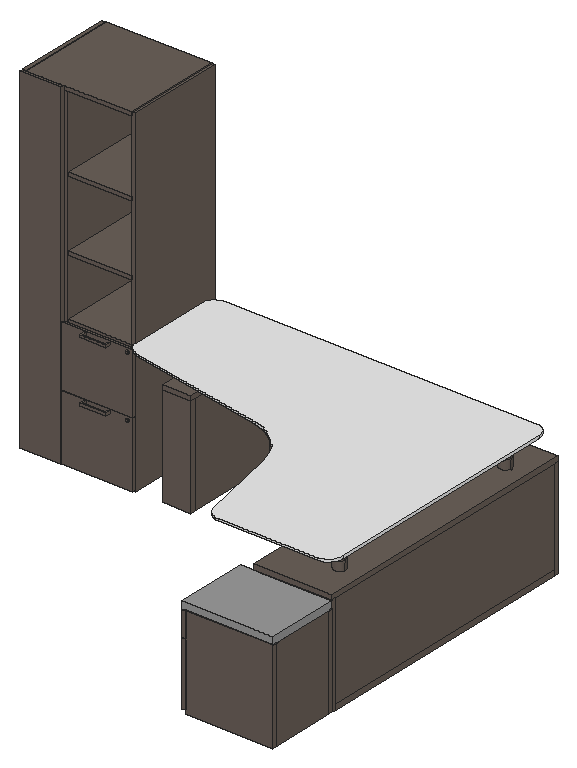
Revit family "OFS TYPICAL S100219", category Furniture, Revit 2022 (continued)
Definition of nested family "OFS STAKS HEIGHT ADJUSTABLE SWEEP TOP DESK 74x60 Top 16D Cabinet"
  Definition of nested family "Aptos Modular Low Height Cabinets"
    Forms (in)
      Revolve 6, solid, material <- "Leg Caps Material"
        sketch origin (0, -2, 0) x (1, 0, 0) y (0, 0, -1)
          axis (25, -0.5) -> (25, 0)
        angle from 0 to 360
      Revolve 7, solid, material <- "Leg Caps Material"
        sketch origin (0, -19, 0) x (-1, 0, 0) y (0, 0, -1)
          loop
            line (24, -0.28743) -> (24, -0.5) -> (25, -0.5) -> (25, 0) -> (24.5, 0)
            arc (24.5, 0) -> (24.35629, -0.14371) -> (24.5, -0.28743) r 0.14371
            line (24.5, -0.28743) -> (24, -0.28743)
          axis (25, -0.5) -> (25, 0)
        angle from 0 to 360
      Revolve 8, solid, material <- "Leg Caps Material"
        sketch origin (0, -19, 0) x (1, 0, 0) y (0, 0, 1)
          loop
            line (24, 0.28743) -> (24.5, 0.28743)
            arc (24.5, 0.28743) -> (24.35629, 0.14371) -> (24.5, 0) r 0.14371
            line (24.5, 0) -> (25, 0) -> (25, 0.5) -> (24, 0.5) -> (24, 0.28743)
          axis (25, 0.5) -> (25, 0)
        angle from 0 to 360
      Extrusion 9, solid, material <- "Chassis Finish"
        sketch origin (0, 0, 0) x (1, 0, 0) y (0, 1, 0)
          loop
            line (-12.125, -0.75) -> (-12.125, -21) -> (-11.375, -21) -> (-11.375, -0.75) -> (-12.125, -0.75)
        from 1.5 to 21.875
      Revolve 10, solid, material <- "Leg Caps Material"
        sketch origin (-28, -2, 0) x (1, 0, 0) y (0, 0, -1)
          loop
            line (27, -0.28743) -> (27, -0.5) -> (28, -0.5) -> (28, 0) -> (27.5, 0)
            arc (27.5, 0) -> (27.35629, -0.14371) -> (27.5, -0.28743) r 0.14371
            line (27.5, -0.28743) -> (27, -0.28743)
          axis (28, -0.5) -> (28, 0)
        angle from 0 to 360
      Revolve 11, solid, material <- "Leg Caps Material"
        sketch origin (-28, -19, 0) x (1, 0, 0) y (0, 0, 1)
          loop
            line (27, 0.28743) -> (27.5, 0.28743)
            arc (27.5, 0.28743) -> (27.35629, 0.14371) -> (27.5, 0) r 0.14371
            line (27.5, 0) -> (28, 0) -> (28, 0.5) -> (27, 0.5) -> (27, 0.28743)
          axis (28, 0.5) -> (28, 0)
        angle from 0 to 360
      Extrusion 12, solid, material <- "Chassis Finish"
        sketch origin (0, 0, 0) x (-1, 0, 0) y (0, -1, 0)
          loop
            line (-12.125, 0.75) -> (-11.375, 0.75) -> (-11.375, 21) -> (-12.125, 21) -> (-12.125, 0.75)
        from 1.5 to 21.875
      Extrusion 13, solid, material <- "Chassis Finish"
        sketch origin (0, 13.5, 0) x (1, 0, 0) y (0, 1, 0)
          loop
            line (11.375, -15.5) -> (-11.375, -15.5) -> (-11.375, -16.25) -> (11.375, -16.25) -> (11.375, -15.5)
        from 1.5 to 21.875
      Extrusion 14, solid, material <- "Chassis Finish"
        sketch origin (-0.25, 27.875, 0) x (-1, 0, 0) y (0, -1, 0)
          loop
            line (-26.5, 27.875) -> (26, 27.875) -> (26, 28.625) -> (-26.5, 28.625) -> (-26.5, 27.875)
        from 1.5 to 21.875
      Extrusion 15, solid, material <- "Shelf Finish"
        sketch origin (-21, 0, 0) x (0, 1, 0) y (0, 0, -1)
          loop
            line (-2.75, -12.0625) -> (-2.75, -11.3125) -> (-19.75, -11.3125) -> (-20.25, -11.8125) -> (-20.25, -12.0625) -> (-2.75, -12.0625)
        from -8.875 to 5.25
      Extrusion 16, solid, material <- "Shelf Finish"
        sketch origin (21, 0, 0) x (0, 1, 0) y (0, 0, 1)
          loop
            line (-2.75, 12.0625) -> (-20.25, 12.0625) -> (-20.25, 11.8125) -> (-19.75, 11.3125) -> (-2.75, 11.3125) -> (-2.75, 12.0625)
        from -8.875 to 5.25
      Extrusion 17, solid, material <- "Cabinet Storage Approach Finish"
        sketch origin (0, 0, 0) x (1, 0, 0) y (0, 0, 1)
          loop
            line (-11.375, 21.875) -> (-11.375, 1.5) -> (-4.67423, 1.5)
            arc (-4.67423, 1.5) -> (-3.42989, 1.69847) -> (-2.30903, 2.27419) r 4
            arc (-2.30903, 2.27419) -> (0, 3.03) -> (2.30903, 2.27419) r 3.905
            arc (2.30903, 2.27419) -> (3.42989, 1.69847) -> (4.67423, 1.5) r 4
            line (4.67423, 1.5) -> (11.375, 1.5) -> (11.375, 21.875) -> (4.67423, 21.875)
            arc (4.67423, 21.875) -> (3.42989, 21.67653) -> (2.30903, 21.10081) r 4
            arc (2.30903, 21.10081) -> (0, 20.345) -> (-2.30903, 21.10081) r 3.905
            arc (-2.30903, 21.10081) -> (-3.42989, 21.67653) -> (-4.67423, 21.875) r 4
            line (-4.67423, 21.875) -> (-11.375, 21.875)
        from 20.25 to 21
    Dimensions and locks (in)
      equal spacing: plane 4 "Left End", plane 3 "Center Left/Right", plane 6 "Right End"
      "Width": plane 4 "Left End" to plane 6 "Right End"
      "Height": plane 8 "Height Top" to level
      "Board Thick Sides": plane 4 "Left End" to plane 9
      "Board Thick Sides": plane 10 to plane 6 "Right End"
      "Board Thick Top and Bot": plane 8 "Height Top" to plane 13
      "Board Thick Shelfs": plane 12 to plane 11
      "Board Thick Top and Bot": plane 15 to plane 14
      "Bottom Board Offset": plane 14 to level
      "Board Thick Front": plane 16 to plane 5 "Front End"
      "Leg Offset": plane 19 to plane 5 "Front End"
      "Leg Offset": plane 20 to plane 5 "Front End"
      "Leg Offset": plane 17 to plane 7 "Back End"
      "Leg Offset": plane 18 to plane 7 "Back End"
      "Leg Offset": plane 4 "Left End" to plane 21
      "Leg Offset": plane 22 to plane 6 "Right End"
      "Leg Offset": plane 23 to plane 6 "Right End"
      "Leg Offset": plane 4 "Left End" to plane 24
      "Board Thick Internal": plane 25 to plane 26
      "Board Thick Door": plane 27 to plane 5 "Front End"
      "Shelf Height": plane 12 to plane 15
      "Board Thick Back": plane 28 to plane 1 "Center Front/Back"
      "Depth": plane 27 to plane 1 "Center Front/Back"
      "Board Thick Internal": plane 29 to plane 30
      equal spacing: plane 26, plane 3 "Center Left/Right", plane 30
      "Box Width": plane 26 to plane 30
      "Top Board, Back Offset": plane 31 to plane 7 "Back End"
      "Board Thick Internal": plane 18 to plane 32
      aligned and locked: level to plane 2
      aligned and locked: plane 5 "Front End" to Extrusion 1 sketch curve
      aligned and locked: plane 4 "Left End" to Extrusion 1 sketch curve
      aligned and locked: Extrusion 1 sketch curve to plane 9
      aligned and locked: Extrusion 2 to plane 5 "Front End"
      aligned and locked: plane 10 to Extrusion 2
      aligned and locked: Extrusion 2 to plane 6 "Right End"
      aligned and locked: plane 14 to Extrusion 2
      aligned and locked: plane 10 to Extrusion 3 sketch curve
      aligned and locked: Extrusion 3 sketch curve to plane 9
      aligned and locked: plane 18 to Revolve 5
      aligned and locked: Revolve 6 to plane 17
      aligned and locked: plane 20 to Revolve 8
      aligned and locked: Revolve 7 to plane 19
      aligned and locked: Extrusion 9 sketch curve to plane 25
      aligned and locked: plane 26 to Extrusion 9 sketch curve
      aligned and locked: Extrusion 9 to plane 5 "Front End"
      aligned and locked: Extrusion 3 to plane 15
      aligned and locked: Extrusion 3 to plane 14
      aligned and locked: Extrusion 9 to plane 15
      aligned and locked: plane 13 to Extrusion 9
      aligned and locked: Extrusion 2 to plane 13
      aligned and locked: Extrusion 4 to plane 27
      aligned and locked: Extrusion 4 to plane 6 "Right End"
      aligned and locked: Extrusion 4 to plane 4 "Left End"
      aligned and locked: plane 8 "Height Top" to Extrusion 4
      aligned and locked: Extrusion 4 to plane 13
      aligned and locked: Extrusion 1 to plane 1 "Center Front/Back"
      aligned and locked: Extrusion 2 to plane 1 "Center Front/Back"
      aligned and locked: Extrusion 3 to plane 1 "Center Front/Back"
      aligned and locked: plane 13 to Extrusion 1
      aligned and locked: Extrusion 1 to plane 14
      aligned and locked: plane 17 to Revolve 10
      aligned and locked: Revolve 11 to plane 20
      aligned and locked: Extrusion 12 sketch curve to plane 29
      aligned and locked: Extrusion 12 sketch curve to plane 30
      aligned and locked: Extrusion 4 to plane 31
      aligned and locked: plane 30 to Extrusion 13
      aligned and locked: plane 26 to Extrusion 13
      aligned and locked: Extrusion 13 to plane 18
      aligned and locked: Extrusion 13 to plane 32
      aligned and locked: plane 13 to Extrusion 13
      aligned and locked: Extrusion 13 to plane 15
      aligned and locked: Extrusion 14 to plane 10
      aligned and locked: Extrusion 12 to plane 15
      aligned and locked: plane 13 to Extrusion 12
      aligned and locked: Extrusion 15 to plane 9
      aligned and locked: plane 25 to Extrusion 15
      aligned and locked: plane 29 to Extrusion 16
      aligned and locked: Extrusion 16 to plane 10
      aligned and locked: Extrusion 14 to plane 9
      aligned and locked: Extrusion 14 to plane 13
      aligned and locked: Extrusion 14 to plane 15
      aligned and locked: plane 28 to Extrusion 9
      aligned and locked: plane 28 to Extrusion 12
      aligned and locked: plane 26 to Extrusion 17 sketch curve
      aligned and locked: Extrusion 17 sketch curve to plane 30
      aligned and locked: Extrusion 17 sketch curve to plane 13
      aligned and locked: Extrusion 17 sketch curve to plane 15
      aligned and locked: Extrusion 17 to plane 5 "Front End"
      aligned and locked: Extrusion 17 to plane 16
    Automatic sketch dimensions
      plane 1 "Center Front/Back" to Extrusion 1 sketch curve = 0' - 0"
      Extrusion 2 sketch curve to plane 5 "Front End" = 0' - 0"
      Extrusion 2 sketch curve to plane 6 "Right End" = 0' - 0"
      Extrusion 2 sketch curve to plane 10 = 0' - 0"
      plane 1 "Center Front/Back" to Extrusion 2 sketch curve = 0' - 0"
      Extrusion 3 sketch curve to plane 5 "Front End" = 0' - 0"
      plane 1 "Center Front/Back" to Extrusion 3 sketch curve = 0' - 0"
      Extrusion 4 sketch curve to plane 4 "Left End" = 0' - 0"
      Extrusion 4 sketch curve to plane 6 "Right End" = 0' - 0"
      Extrusion 4 sketch curve to plane 27 = 0' - 0"
      plane 31 to Extrusion 4 sketch curve = 0' - 0"
      Revolve 5 sketch curve to plane 14 = 0' - 0"
      Revolve 5 sketch curve to level = 0' - 0"
      plane 21 to Revolve 5 sketch curve = 0' - 0"  (x2)
      Revolve 5 sketch curve to plane 21 = 0' - 0 1/2"
      Revolve 5 sketch curve to Revolve 5 sketch curve = 0' - 0 1/2"  (x2)
      level to Revolve 5 sketch curve = 0' - 0.14371"
      level to Revolve 5 sketch curve = 0' - 0.28743"
      Revolve 5 sketch curve to Revolve 5 sketch curve = 0' - 0"
      Revolve 5 sketch curve to plane 15 = 0' - 0 1/4"
      Revolve 6 sketch curve to plane 14 = 0' - 0"
      Revolve 6 sketch curve to level = 0' - 0"
      Revolve 6 sketch curve to plane 22 = 0' - 0"  (x2)
      Revolve 6 sketch curve to Revolve 6 sketch curve = 0' - 0 1/2"  (x3)
      level to Revolve 6 sketch curve = 0' - 0.28743"
      level to Revolve 6 sketch curve = 0' - 0.14371"
      Revolve 6 sketch curve to Revolve 6 sketch curve = 0' - 0"
      Revolve 6 sketch curve to plane 15 = 0' - 0 1/4"
      Revolve 7 sketch curve to plane 14 = 0' - 0"
      Revolve 7 sketch curve to level = 0' - 0"
      plane 21 to Revolve 7 sketch curve = 0' - 0"  (x2)
      Revolve 7 sketch curve to plane 21 = 0' - 0 1/2"
      Revolve 7 sketch curve to Revolve 7 sketch curve = 0' - 0 1/2"  (x2)
      level to Revolve 7 sketch curve = 0' - 0.28743"
      level to Revolve 7 sketch curve = 0' - 0.14371"
      Revolve 7 sketch curve to Revolve 7 sketch curve = 0' - 0"
      Revolve 7 sketch curve to plane 15 = 0' - 0 1/4"
      Revolve 8 sketch curve to plane 14 = 0' - 0"
      Revolve 8 sketch curve to level = 0' - 0"
      Revolve 8 sketch curve to plane 22 = 0' - 0"  (x2)
      Revolve 8 sketch curve to Revolve 8 sketch curve = 0' - 0 1/2"  (x3)
      level to Revolve 8 sketch curve = 0' - 0.14371"
      level to Revolve 8 sketch curve = 0' - 0.28743"
      Revolve 8 sketch curve to Revolve 8 sketch curve = 0' - 0"
      Revolve 8 sketch curve to plane 15 = 0' - 0 1/4"
      Extrusion 9 sketch curve to plane 5 "Front End" = 0' - 0"
      plane 1 "Center Front/Back" to Extrusion 9 sketch curve = 0' - 0 3/4"
      Revolve 10 sketch curve to plane 14 = 0' - 0"
      Revolve 10 sketch curve to level = 0' - 0"
      Revolve 10 sketch curve to plane 3 "Center Left/Right" = 0' - 0"  (x2)
      Revolve 10 sketch curve to Revolve 10 sketch curve = 0' - 0 1/2"  (x3)
      level to Revolve 10 sketch curve = 0' - 0.28743"
      level to Revolve 10 sketch curve = 0' - 0.14371"
      Revolve 10 sketch curve to Revolve 10 sketch curve = 0' - 0"
      Revolve 10 sketch curve to plane 15 = 0' - 0 1/4"
      Revolve 11 sketch curve to plane 14 = 0' - 0"
      Revolve 11 sketch curve to level = 0' - 0"
      Revolve 11 sketch curve to plane 3 "Center Left/Right" = 0' - 0"  (x2)
      Revolve 11 sketch curve to Revolve 11 sketch curve = 0' - 0 1/2"  (x3)
      level to Revolve 11 sketch curve = 0' - 0.14371"
      level to Revolve 11 sketch curve = 0' - 0.28743"
      Revolve 11 sketch curve to Revolve 11 sketch curve = 0' - 0"
      Revolve 11 sketch curve to plane 15 = 0' - 0 1/4"
      Extrusion 12 sketch curve to plane 5 "Front End" = 0' - 0"
      Extrusion 12 sketch curve to plane 1 "Center Front/Back" = 0' - 0 3/4"
      Extrusion 13 sketch curve to plane 17 = 0' - 0"
      Extrusion 13 sketch curve to plane 26 = 0' - 0"
      Extrusion 13 sketch curve to plane 30 = 0' - 0"
      plane 32 to Extrusion 13 sketch curve = 0' - 0"
      Extrusion 14 sketch curve to plane 10 = 0' - 0"
      Extrusion 14 sketch curve to plane 28 = 0' - 0"
      Extrusion 14 sketch curve to plane 29 = 3' - 2 3/8"
      plane 1 "Center Front/Back" to Extrusion 14 sketch curve = 0' - 0"
      Extrusion 15 sketch curve to plane 12 = 0' - 0"
      Extrusion 15 sketch curve to plane 16 = 0' - 0"
      Extrusion 15 sketch curve to plane 11 = 0' - 0"
      Extrusion 15 sketch curve to plane 32 = 0' - 0"
      Extrusion 15 sketch curve to plane 16 = 0' - 0 1/2"
      plane 11 to Extrusion 15 sketch curve = 0' - 0 1/2"
      Extrusion 16 sketch curve to plane 12 = 0' - 0"
      Extrusion 16 sketch curve to plane 16 = 0' - 0"
      Extrusion 16 sketch curve to plane 11 = 0' - 0"
      Extrusion 16 sketch curve to plane 32 = 0' - 0"
      Extrusion 16 sketch curve to plane 16 = 0' - 0 1/2"
      plane 11 to Extrusion 16 sketch curve = 0' - 0 1/2"
      Extrusion 17 sketch curve to plane 3 "Center Left/Right" = 0' - 0"  (x2)
      Extrusion 17 sketch curve to level = 0' - 0 7/8"
      Extrusion 17 sketch curve to Extrusion 17 sketch curve = 0' - 4"  (x4)
      plane 8 "Height Top" to Extrusion 17 sketch curve = 0' - 1 3/8"
      Extrusion 17 sketch curve to Extrusion 17 sketch curve = 0' - 0"  (x2)
      Extrusion 17 sketch curve to Extrusion 17 sketch curve = 0' - 2.3652"  (x4)
      Extrusion 17 sketch curve to plane 15 = 0' - 0"
      Extrusion 17 sketch curve to plane 13 = 0' - 0"
  Definition of nested family "APTOS SWEEP ELEVATED RUNOFF WORKSURFACE RIGHT - WOOD TOP for 18D Cabinets"
    Parameters (values of type "APTOS SWEEP ELEVATED RUNOFF WORKSURFACE 66" x 52" RIGHT OPEN END - WOOD TOP")
      Width = 5' - 10"
      URL = "http://ofsbrands.com"
      Table Material = none
      Depth = 4' - 4"
      Model = "34-6652SWTER"
      Manufacturer = "OFS"
      Height = 0' - 1 3/16"
      Description = "OFS BRANDS OFS APTOS SWEEP ELEVATED RUNOFF WORKSURFACE 66\" x 52\" RIGHT OPEN END - WOOD TOP, 1.1875\" thick Solid Surface Worksurface"
      Default Elevation = 0' - 0"
      Copyright © = "© OFS BRANDS 2017"
      Catalog = "APTOS http://ofsbrands.com/products/casegoods/private-office/aptos"
      Bottom Board Offset = 2' - 4 5/16"
      Authoring Version = "Autodesk Revit Architecture 2013"
      Assembly Code = "E2020200"
      34-6658SWTERC = yes
      34-6652SWTERC = no
      34-6646SWTERC = no
    Reference planes (in)
      plane 1 "Back End": y = 2
      plane 2: z = 0
      plane 3 "Center Left/Right": x = 0
      plane 4 "Left End": x = -35
      plane 5 "Front End": y = -50
      plane 6 "Right End": x = 35
      plane 7 "Height Top": z = 29.5
      plane 8: z = 28.3125
      plane 9 "Center Front/Back": y = -24
    Forms (in)
      Extrusion 1, solid, material <- "Table Material", visible <- "34-6646SWTERC", not visible
        sketch origin (0, -100, 0) x (1, 0, 0) y (0, 1, 0)
          loop
            arc (6.80757, -12.92304) -> (3.42015, -18.89464) -> (-2.68659, -22.03188) r 12
            line (-2.68659, -22.03188) -> (-30.54995, -27.2307)
            arc (-30.54995, -27.2307) -> (-32.30738, -28.26287) -> (-32.9997, -30.1798) r 3
            line (-32.9997, -30.1798) -> (-32.9997, -44.00011)
            arc (-32.9997, -44.00011) -> (-32.12102, -46.12143) -> (-29.9997, -47.00011) r 3
            line (-29.9997, -47.00011) -> (30, -47.00011)
            arc (30, -47.00011) -> (32.12132, -46.12143) -> (33, -44.00011) r 3
            line (33, -44.00011) -> (33, -3.99989)
            arc (33, -3.99989) -> (32.12132, -1.87857) -> (30, -0.99989) r 3
            line (30, -0.99989) -> (11.93633, -0.99989)
            arc (11.93633, -0.99989) -> (10.06759, -1.65301) -> (9.01253, -3.32799) r 3
            line (9.01253, -3.32799) -> (6.80757, -12.92304)
        from 28.3125 to 29.5
      Sweep 2, void, not visible
        path in 3D
          loop
            arc (33, -103.99989, 29.5) -> (32.12132, -101.87857, 29.5) -> (30, -100.99989, 29.5) r 3
            line (30, -100.99989, 29.5) -> (11.93633, -100.99989, 29.5)
            arc (11.93633, -100.99989, 29.5) -> (10.06759, -101.65301, 29.5) -> (9.01253, -103.32799, 29.5) r 3
            line (9.01253, -103.32799, 29.5) -> (6.80757, -112.92304, 29.5)
            arc (6.80757, -112.92304, 29.5) -> (3.42015, -118.89464, 29.5) -> (-2.68659, -122.03188, 29.5) r 12
            line (-2.68659, -122.03188, 29.5) -> (-30.54995, -127.2307, 29.5)
            arc (-30.54995, -127.2307, 29.5) -> (-32.30738, -128.26287, 29.5) -> (-32.9997, -130.1798, 29.5) r 3
            line (-32.9997, -130.1798, 29.5) -> (-32.9997, -144.00011, 29.5)
            arc (-32.9997, -144.00011, 29.5) -> (-32.12102, -146.12143, 29.5) -> (-29.9997, -147.00011, 29.5) r 3
            line (-29.9997, -147.00011, 29.5) -> (30, -147.00011, 29.5)
            arc (30, -147.00011, 29.5) -> (32.12132, -146.12143, 29.5) -> (33, -144.00011, 29.5) r 3
            line (33, -144.00011, 29.5) -> (33, -103.99989, 29.5)
        profile origin (33, -124, 29.5) x (-1, 0, 0) y (0, 0, 1)
          loop
            line (0, -1.1875) -> (2, -1.1875) -> (0, -0.4375) -> (0, -1.1875)
      Extrusion 3, solid, material <- "Table Material", visible <- "34-6652SWTERC", not visible
        sketch origin (0, 0, 0) x (-1, 0, 0) y (0, -1, 0)
          loop
            arc (-5.28656, 16.00453) -> (-1.93262, 21.87607) -> (4.0634, 25.00205) r 12
            line (4.0634, 25.00205) -> (30.58089, 30.23844)
            arc (30.58089, 30.23844) -> (32.31741, 31.27682) -> (32.9997, 33.1816) r 3
            line (32.9997, 33.1816) -> (32.9997, 47.00011)
            arc (32.9997, 47.00011) -> (32.12102, 49.12143) -> (29.9997, 50.00011) r 3
            line (29.9997, 50.00011) -> (-30, 50.00011)
            arc (-30, 50.00011) -> (-32.12132, 49.12143) -> (-33, 47.00011) r 3
            line (-33, 47.00011) -> (-33, 0.99989)
            arc (-33, 0.99989) -> (-32.12132, -1.12143) -> (-30, -2.00011) r 3
            line (-30, -2.00011) -> (-11.93684, -2.00011)
            arc (-11.93684, -2.00011) -> (-10.07692, -1.35398) -> (-9.01817, 0.3061) r 3
            line (-9.01817, 0.3061) -> (-5.28656, 16.00453)
        from 28.3125 to 29.5
      Sweep 4, void, not visible
        path in 3D
          loop
            arc (33, -0.99989, 29.5) -> (32.12132, 1.12143, 29.5) -> (30, 2.00011, 29.5) r 3
            line (30, 2.00011, 29.5) -> (11.93684, 2.00011, 29.5)
            arc (11.93684, 2.00011, 29.5) -> (10.07692, 1.35398, 29.5) -> (9.01817, -0.3061, 29.5) r 3
            line (9.01817, -0.3061, 29.5) -> (5.28656, -16.00453, 29.5)
            arc (5.28656, -16.00453, 29.5) -> (1.93262, -21.87607, 29.5) -> (-4.0634, -25.00205, 29.5) r 12
            line (-4.0634, -25.00205, 29.5) -> (-30.58089, -30.23844, 29.5)
            arc (-30.58089, -30.23844, 29.5) -> (-32.31741, -31.27682, 29.5) -> (-32.9997, -33.1816, 29.5) r 3
            line (-32.9997, -33.1816, 29.5) -> (-32.9997, -47.00011, 29.5)
            arc (-32.9997, -47.00011, 29.5) -> (-32.12102, -49.12143, 29.5) -> (-29.9997, -50.00011, 29.5) r 3
            line (-29.9997, -50.00011, 29.5) -> (30, -50.00011, 29.5)
            arc (30, -50.00011, 29.5) -> (32.12132, -49.12143, 29.5) -> (33, -47.00011, 29.5) r 3
            line (33, -47.00011, 29.5) -> (33, -0.99989, 29.5)
        profile origin (33, -24, 29.5) x (-1, 0, 0) y (0, 0, 1)
          loop
            line (0, -1.1875) -> (2, -1.1875) -> (0, -0.4375) -> (0, -1.1875)
      Extrusion 5, solid, material <- "Table Material", visible <- "34-6658SWTERC"
        sketch origin (0, 0, 0) x (1, 0, 0) y (0, 1, 0)
          loop
            arc (5.50702, -14.95211) -> (2.21717, -21.10294) -> (-3.9379, -24.38486) r 12
            line (-3.9379, -24.38486) -> (-33.58089, -30.23844)
            arc (-33.58089, -30.23844) -> (-35.31741, -31.27682) -> (-35.9997, -33.1816) r 3
            line (-35.9997, -33.1816) -> (-35.9997, -50.00011)
            arc (-35.9997, -50.00011) -> (-35.12102, -52.12143) -> (-32.9997, -53.00011) r 3
            line (-32.9997, -53.00011) -> (33, -53.00011)
            arc (33, -53.00011) -> (35.12132, -52.12143) -> (36, -50.00011) r 3
            line (36, -50.00011) -> (36, 2.00011)
            arc (36, 2.00011) -> (35.12132, 4.12143) -> (33, 5.00011) r 3
            line (33, 5.00011) -> (11.93598, 5.00011)
            arc (11.93598, 5.00011) -> (10.03268, 4.31905) -> (8.99356, 2.58509) r 3
            line (8.99356, 2.58509) -> (5.50702, -14.95211)
        from 28.3125 to 29.5
      Sweep 6, void
        path in 3D
          loop
            arc (33, -53.00011, 29.5) -> (35.12132, -52.12143, 29.5) -> (36, -50.00011, 29.5) r 3
            line (36, -50.00011, 29.5) -> (36, 2.00011, 29.5)
            arc (36, 2.00011, 29.5) -> (35.12132, 4.12143, 29.5) -> (33, 5.00011, 29.5) r 3
            line (33, 5.00011, 29.5) -> (11.93598, 5.00011, 29.5)
            arc (11.93598, 5.00011, 29.5) -> (10.03268, 4.31905, 29.5) -> (8.99356, 2.58509, 29.5) r 3
            line (8.99356, 2.58509, 29.5) -> (5.50702, -14.95211, 29.5)
            arc (5.50702, -14.95211, 29.5) -> (2.21717, -21.10294, 29.5) -> (-3.9379, -24.38486, 29.5) r 12
            line (-3.9379, -24.38486, 29.5) -> (-33.58089, -30.23844, 29.5)
            arc (-33.58089, -30.23844, 29.5) -> (-35.31741, -31.27682, 29.5) -> (-35.9997, -33.1816, 29.5) r 3
            line (-35.9997, -33.1816, 29.5) -> (-35.9997, -50.00011, 29.5)
            arc (-35.9997, -50.00011, 29.5) -> (-35.12102, -52.12143, 29.5) -> (-32.9997, -53.00011, 29.5) r 3
            line (-32.9997, -53.00011, 29.5) -> (33, -53.00011, 29.5)
        profile origin (0.00015, -53.00011, 29.5) x (0, 1, 0) y (0, 0, 1)
          loop
            line (0, -1.1875) -> (2, -1.1875) -> (0, -0.4375) -> (0, -1.1875)
      Extrusion 7, solid, material <- "Table Material", visible <- "34-6658SWTERC", not visible
        sketch origin (0, 0, 0) x (1, 0, 0) y (0, 1, 0)
          loop
            arc (5.50702, -14.95211) -> (2.21717, -21.10294) -> (-3.9379, -24.38486) r 12
            line (-3.9379, -24.38486) -> (-33.58089, -30.23844)
            arc (-33.58089, -30.23844) -> (-35.31741, -31.27682) -> (-35.9997, -33.1816) r 3
            line (-35.9997, -33.1816) -> (-35.9997, -50.00011)
            arc (-35.9997, -50.00011) -> (-35.12102, -52.12143) -> (-32.9997, -53.00011) r 3
            line (-32.9997, -53.00011) -> (33, -53.00011)
            arc (33, -53.00011) -> (35.12132, -52.12143) -> (36, -50.00011) r 3
            line (36, -50.00011) -> (36, 2.00011)
            arc (36, 2.00011) -> (35.12132, 4.12143) -> (33, 5.00011) r 3
            line (33, 5.00011) -> (11.93598, 5.00011)
            arc (11.93598, 5.00011) -> (10.03268, 4.31905) -> (8.99356, 2.58509) r 3
            line (8.99356, 2.58509) -> (5.50702, -14.95211)
        from 28.3125 to 29.5
      Sweep 8, void, not visible
        path in 3D
          loop
            arc (33, -53.00011, 29.5) -> (35.12132, -52.12143, 29.5) -> (36, -50.00011, 29.5) r 3
            line (36, -50.00011, 29.5) -> (36, 2.00011, 29.5)
            arc (36, 2.00011, 29.5) -> (35.12132, 4.12143, 29.5) -> (33, 5.00011, 29.5) r 3
            line (33, 5.00011, 29.5) -> (11.93598, 5.00011, 29.5)
            arc (11.93598, 5.00011, 29.5) -> (10.03268, 4.31905, 29.5) -> (8.99356, 2.58509, 29.5) r 3
            line (8.99356, 2.58509, 29.5) -> (5.50702, -14.95211, 29.5)
            arc (5.50702, -14.95211, 29.5) -> (2.21717, -21.10294, 29.5) -> (-3.9379, -24.38486, 29.5) r 12
            line (-3.9379, -24.38486, 29.5) -> (-33.58089, -30.23844, 29.5)
            arc (-33.58089, -30.23844, 29.5) -> (-35.31741, -31.27682, 29.5) -> (-35.9997, -33.1816, 29.5) r 3
            line (-35.9997, -33.1816, 29.5) -> (-35.9997, -50.00011, 29.5)
            arc (-35.9997, -50.00011, 29.5) -> (-35.12102, -52.12143, 29.5) -> (-32.9997, -53.00011, 29.5) r 3
            line (-32.9997, -53.00011, 29.5) -> (33, -53.00011, 29.5)
        profile origin (0.00015, -53.00011, 29.5) x (0, 1, 0) y (0, 0, 1)
          loop
            line (0, -1.1875) -> (2, -1.1875) -> (0, -0.4375) -> (0, -1.1875)
    Cuts and joins
      Sweep 6 cuts Extrusion 5
    Lines and regions (in)
      sketch lines, not visible
        curve 1: line (33, -144.00011, 29.5) -> (33, -103.99989, 29.5)
        curve 2: arc (30, -100.99989, 29.5) -> (32.12132, -101.87857, 29.5) -> (33, -103.99989, 29.5) r 3
        curve 3: line (30, -100.99989, 29.5) -> (11.93633, -100.99989, 29.5)
        curve 4: arc (9.01253, -103.32799, 29.5) -> (10.06759, -101.65301, 29.5) -> (11.93633, -100.99989, 29.5) r 3
        curve 5: line (9.01253, -103.32799, 29.5) -> (6.80757, -112.92304, 29.5)
        curve 6: arc (-2.68659, -122.03188, 29.5) -> (3.42015, -118.89464, 29.5) -> (6.80757, -112.92304, 29.5) r 12
        curve 7: line (-2.68659, -122.03188, 29.5) -> (-30.54995, -127.2307, 29.5)
        curve 8: arc (-32.9997, -130.1798, 29.5) -> (-32.30738, -128.26287, 29.5) -> (-30.54995, -127.2307, 29.5) r 3
        curve 9: line (-32.9997, -130.1798, 29.5) -> (-32.9997, -144.00011, 29.5)
        curve 10: arc (-29.9997, -147.00011, 29.5) -> (-32.12102, -146.12143, 29.5) -> (-32.9997, -144.00011, 29.5) r 3
        curve 11: line (-29.9997, -147.00011, 29.5) -> (30, -147.00011, 29.5)
        curve 12: arc (33, -144.00011, 29.5) -> (32.12132, -146.12143, 29.5) -> (30, -147.00011, 29.5) r 3
        curve 13: line (33, -47.00011, 29.5) -> (33, -0.99989, 29.5)
        curve 14: arc (30, 2.00011, 29.5) -> (32.12132, 1.12143, 29.5) -> (33, -0.99989, 29.5) r 3
        curve 15: line (30, 2.00011, 29.5) -> (11.93684, 2.00011, 29.5)
        curve 16: arc (9.01817, -0.3061, 29.5) -> (10.07692, 1.35398, 29.5) -> (11.93684, 2.00011, 29.5) r 3
        curve 17: line (9.01817, -0.3061, 29.5) -> (5.28656, -16.00453, 29.5)
        curve 18: arc (-4.0634, -25.00205, 29.5) -> (1.93262, -21.87607, 29.5) -> (5.28656, -16.00453, 29.5) r 12
        curve 19: line (-4.0634, -25.00205, 29.5) -> (-30.58089, -30.23844, 29.5)
        curve 20: arc (-32.9997, -33.1816, 29.5) -> (-32.31741, -31.27682, 29.5) -> (-30.58089, -30.23844, 29.5) r 3
        curve 21: line (-32.9997, -33.1816, 29.5) -> (-32.9997, -47.00011, 29.5)
        curve 22: arc (-29.9997, -50.00011, 29.5) -> (-32.12102, -49.12143, 29.5) -> (-32.9997, -47.00011, 29.5) r 3
        curve 23: line (-29.9997, -50.00011, 29.5) -> (30, -50.00011, 29.5)
        curve 24: arc (33, -47.00011, 29.5) -> (32.12132, -49.12143, 29.5) -> (30, -50.00011, 29.5) r 3
        curve 37: line (-32.9997, -53.00011, 29.5) -> (33, -53.00011, 29.5)
        curve 38: arc (36, -50.00011, 29.5) -> (35.12132, -52.12143, 29.5) -> (33, -53.00011, 29.5) r 3
        curve 39: line (36, -50.00011, 29.5) -> (36, 2.00011, 29.5)
        curve 40: arc (33, 5.00011, 29.5) -> (35.12132, 4.12143, 29.5) -> (36, 2.00011, 29.5) r 3
        curve 41: line (33, 5.00011, 29.5) -> (11.93598, 5.00011, 29.5)
        curve 42: arc (8.99356, 2.58509, 29.5) -> (10.03268, 4.31905, 29.5) -> (11.93598, 5.00011, 29.5) r 3
        curve 43: line (8.99356, 2.58509, 29.5) -> (5.50702, -14.95211, 29.5)
        curve 44: arc (-3.9379, -24.38486, 29.5) -> (2.21717, -21.10294, 29.5) -> (5.50702, -14.95211, 29.5) r 12
        curve 45: line (-3.9379, -24.38486, 29.5) -> (-33.58089, -30.23844, 29.5)
        curve 46: arc (-35.9997, -33.1816, 29.5) -> (-35.31741, -31.27682, 29.5) -> (-33.58089, -30.23844, 29.5) r 3
        curve 47: line (-35.9997, -33.1816, 29.5) -> (-35.9997, -50.00011, 29.5)
        curve 48: arc (-32.9997, -53.00011, 29.5) -> (-35.12102, -52.12143, 29.5) -> (-35.9997, -50.00011, 29.5) r 3
      sketch lines
        curve 25: line (-32.9997, -53.00011, 29.5) -> (33, -53.00011, 29.5)
        curve 26: arc (36, -50.00011, 29.5) -> (35.12132, -52.12143, 29.5) -> (33, -53.00011, 29.5) r 3
        curve 27: line (36, -50.00011, 29.5) -> (36, 2.00011, 29.5)
        curve 28: arc (33, 5.00011, 29.5) -> (35.12132, 4.12143, 29.5) -> (36, 2.00011, 29.5) r 3
        curve 29: line (33, 5.00011, 29.5) -> (11.93598, 5.00011, 29.5)
        curve 30: arc (8.99356, 2.58509, 29.5) -> (10.03268, 4.31905, 29.5) -> (11.93598, 5.00011, 29.5) r 3
        curve 31: line (8.99356, 2.58509, 29.5) -> (5.50702, -14.95211, 29.5)
        curve 32: arc (-3.9379, -24.38486, 29.5) -> (2.21717, -21.10294, 29.5) -> (5.50702, -14.95211, 29.5) r 12
        curve 33: line (-3.9379, -24.38486, 29.5) -> (-33.58089, -30.23844, 29.5)
        curve 34: arc (-35.9997, -33.1816, 29.5) -> (-35.31741, -31.27682, 29.5) -> (-33.58089, -30.23844, 29.5) r 3
        curve 35: line (-35.9997, -33.1816, 29.5) -> (-35.9997, -50.00011, 29.5)
        curve 36: arc (-32.9997, -53.00011, 29.5) -> (-35.12102, -52.12143, 29.5) -> (-35.9997, -50.00011, 29.5) r 3
    Dimensions and locks (in)
      "Height": plane 7 "Height Top" to plane 8
      "Bottom Board Offset": plane 8 to level
      "Depth": plane 5 "Front End" to plane 1 "Back End"
      equal spacing: plane 4 "Left End", plane 3 "Center Left/Right", plane 6 "Right End"
      "Width": plane 4 "Left End" to plane 6 "Right End"
      equal spacing: plane 5 "Front End", plane 9 "Center Front/Back", plane 1 "Back End"
      aligned and locked: level to plane 2
      aligned and locked: plane 7 "Height Top" to Extrusion 5
      aligned and locked: Extrusion 5 to plane 8
    Automatic sketch dimensions
      Extrusion 1 sketch curve to Extrusion 1 sketch curve = 0' - 3"  (x2)
      Extrusion 1 sketch curve to Extrusion 1 sketch curve = 2' - 6.31311"
      Extrusion 1 sketch curve to Extrusion 1 sketch curve = 0' - 9.49416"
      Extrusion 1 sketch curve to Extrusion 1 sketch curve = 0' - 2.20497"
      Extrusion 1 sketch curve to Extrusion 1 sketch curve = 0' - 2.92379"
      Extrusion 1 sketch curve to Extrusion 1 sketch curve = 1' - 6.06367"
      Extrusion 1 sketch curve to Extrusion 1 sketch curve = 2' - 8.68659"
      Extrusion 1 sketch curve to Extrusion 1 sketch curve = 0' - 2.44975"
      Extrusion 1 sketch curve to Extrusion 1 sketch curve = 0' - 0.55025"
      Extrusion 1 sketch curve to Extrusion 1 sketch curve = 0' - 2.20101"
      Extrusion 1 sketch curve to Extrusion 1 sketch curve = 1' - 9.96823"
      Extrusion 1 sketch curve to Extrusion 1 sketch curve = 0' - 9.10884"
      Extrusion 1 sketch curve to Extrusion 1 sketch curve = 0' - 8.92315"
      Extrusion 1 sketch curve to Extrusion 1 sketch curve = 0' - 2 21/64"
      Extrusion 1 sketch curve to Extrusion 1 sketch curve = 1' - 1 105/128"
      Sweep 2 sketch curve to profile plane = 0' - 1 3/16"
      Sweep 2 sketch curve to profile plane = 0' - 0"
      Sweep 2 sketch curve to profile plane = 0' - 2"
      Sweep 2 sketch curve to profile plane = 0' - 0 7/16"
      Extrusion 3 sketch curve to Extrusion 3 sketch curve = 0' - 2.91867"
      Extrusion 3 sketch curve to Extrusion 3 sketch curve = 0' - 0.58118"
      Sweep 4 sketch curve to profile plane = 0' - 0 7/16"
      Sweep 4 sketch curve to profile plane = 0' - 0"
      Sweep 4 sketch curve to profile plane = 0' - 2"
      Sweep 4 sketch curve to profile plane = 0' - 1 3/16"
      Extrusion 3 sketch curve to Extrusion 3 sketch curve = 0' - 3"  (x3)
      Extrusion 3 sketch curve to Extrusion 3 sketch curve = 1' - 6.06315"
      Extrusion 3 sketch curve to Extrusion 3 sketch curve = 0' - 3.73161"
      Extrusion 3 sketch curve to Extrusion 3 sketch curve = 0' - 9.34996"
      Extrusion 3 sketch curve to Extrusion 3 sketch curve = 2' - 1.9363"
      Extrusion 3 sketch curve to Extrusion 3 sketch curve = 0' - 0.58119"
      Extrusion 3 sketch curve to Extrusion 3 sketch curve = 0' - 11.6747"
      Extrusion 3 sketch curve to Extrusion 3 sketch curve = 1' - 1.81851"
      Extrusion 3 sketch curve to Extrusion 3 sketch curve = 0' - 5.23639"
      Extrusion 3 sketch curve to Extrusion 3 sketch curve = 0' - 8.99752"
      Extrusion 3 sketch curve to Extrusion 3 sketch curve = 1' - 3.00464"
      Extrusion 3 sketch curve to Extrusion 3 sketch curve = 0' - 2.30621"
      Extrusion 5 sketch curve to Extrusion 5 sketch curve = 0' - 2.94241"
      Extrusion 5 sketch curve to Extrusion 5 sketch curve = 0' - 0.58118"
      Sweep 6 sketch curve to profile plane = 0' - 1 3/16"
      Sweep 6 sketch curve to profile plane = 0' - 0"
      Sweep 6 sketch curve to profile plane = 0' - 2"
      Sweep 6 sketch curve to profile plane = 0' - 0 7/16"
      Extrusion 5 sketch curve to Extrusion 5 sketch curve = 0' - 2.41882"
      Extrusion 5 sketch curve to Extrusion 5 sketch curve = 0' - 3"  (x2)
      Extrusion 5 sketch curve to Extrusion 5 sketch curve = 2' - 5.64298"
      Extrusion 5 sketch curve to Extrusion 5 sketch curve = 0' - 9.44492"
      Extrusion 5 sketch curve to Extrusion 5 sketch curve = 0' - 3.48655"
      Extrusion 5 sketch curve to Extrusion 5 sketch curve = 3' - 0.9379"
      Extrusion 5 sketch curve to Extrusion 5 sketch curve = 1' - 9.06402"
      Extrusion 5 sketch curve to Extrusion 5 sketch curve = 0' - 11.76966"
      Extrusion 5 sketch curve to Extrusion 5 sketch curve = 1' - 4.81851"
      Extrusion 5 sketch curve to Extrusion 5 sketch curve = 0' - 5.85358"
      Extrusion 5 sketch curve to Extrusion 5 sketch curve = 0' - 9.43275"
      Extrusion 5 sketch curve to Extrusion 5 sketch curve = 1' - 4.95222"
      Extrusion 5 sketch curve to Extrusion 5 sketch curve = 0' - 2.41502"
      Extrusion 7 sketch curve to Extrusion 7 sketch curve = 0' - 2.94241"
      Extrusion 7 sketch curve to Extrusion 7 sketch curve = 0' - 0.58118"
      Sweep 8 sketch curve to profile plane = 0' - 1 3/16"
      Sweep 8 sketch curve to profile plane = 0' - 0"
      Sweep 8 sketch curve to profile plane = 0' - 2"
      Sweep 8 sketch curve to profile plane = 0' - 0 7/16"
      Extrusion 7 sketch curve to Extrusion 7 sketch curve = 0' - 2.41882"
      Extrusion 7 sketch curve to Extrusion 7 sketch curve = 0' - 3"  (x2)
      Extrusion 7 sketch curve to Extrusion 7 sketch curve = 2' - 5.64298"
      Extrusion 7 sketch curve to Extrusion 7 sketch curve = 0' - 9.44492"
      Extrusion 7 sketch curve to Extrusion 7 sketch curve = 0' - 3.48655"
      Extrusion 7 sketch curve to Extrusion 7 sketch curve = 3' - 0.9379"
      Extrusion 7 sketch curve to Extrusion 7 sketch curve = 1' - 9.06402"
      Extrusion 7 sketch curve to Extrusion 7 sketch curve = 0' - 11.76966"
      Extrusion 7 sketch curve to Extrusion 7 sketch curve = 1' - 4.81851"
      Extrusion 7 sketch curve to Extrusion 7 sketch curve = 0' - 5.85358"
      Extrusion 7 sketch curve to Extrusion 7 sketch curve = 0' - 9.43275"
      Extrusion 7 sketch curve to Extrusion 7 sketch curve = 1' - 4.95222"
      Extrusion 7 sketch curve to Extrusion 7 sketch curve = 0' - 2.41502"
  Definition of nested family "H4H"
    Parameters (values of type "H4H")
      Width = 1' - 10"
      URL = ""
      Depth = 0' - 6"
      Default Elevation = 0' - 0"
      Column Material [instance] = none
      Board Material [instance] = none
      Model = ""
      Manufacturer = ""
      Leg Caps Material [instance] = none
      Height = 1' - 10 7/8"
      Description = ""
      Copyright © = ""
      Catalog = ""
      Authoring Version = ""
      Assembly Code = ""
    Reference planes (in)
      plane 1 "Center Front/Back": y = 0
      plane 2: z = 0
      plane 3 "Center Left/Right": x = 0
      plane 4 "Height Top": z = 22.875
      plane 5: z = 21.875
      plane 6: z = 0.5
      plane 7: z = 1.5
      plane 8: y = 0
      plane 9: y = -0.75
      plane 10: y = -5.25
      plane 11: y = -6
      plane 12: x = -11
      plane 13: x = -10
      plane 14: x = 10
      plane 15: x = 11
    Forms (in)
      Extrusion 1, solid, material <- "Board Material"
        sketch origin (-17.58789, 78.5, 0) x (1, 0, 0) y (0, 1, 0)
          loop
            line (6.58789, -78.5) -> (6.58789, -84.5) -> (7.58789, -84.5) -> (7.58789, -78.5) -> (6.58789, -78.5)
        from 0.5 to 21.875
      Extrusion 2, solid, material <- "Board Material"
        sketch origin (15.08789, 78.5, 0) x (-1, 0, 0) y (0, -1, 0)
          loop
            line (4.08789, 78.5) -> (5.08789, 78.5) -> (5.08789, 84.5) -> (4.08789, 84.5) -> (4.08789, 78.5)
        from 0.5 to 21.875
      Extrusion 3, solid, material <- "Board Material"
        sketch origin (-17.58789, 78.5, 0) x (1, 0, 0) y (0, 1, 0)
          loop
            line (7.58789, -78.5) -> (7.58789, -79.25) -> (27.58789, -79.25) -> (27.58789, -78.5) -> (7.58789, -78.5)
        from 0.5 to 21.875
      Extrusion 4, solid, material <- "Board Material"
        sketch origin (-17.58789, -84.5, 0) x (1, 0, 0) y (0, 1, 0)
          loop
            line (7.58789, 78.5) -> (27.58789, 78.5) -> (27.58789, 79.25) -> (7.58789, 79.25) -> (7.58789, 78.5)
        from 0.5 to 21.875
      Extrusion 5, solid, material <- "Board Material"
        sketch origin (-17.58789, 78.5, 0) x (1, 0, 0) y (0, 1, 0)
          loop
            line (6.58789, -78.5) -> (6.58789, -84.5) -> (28.58788, -84.5) -> (28.58788, -78.5) -> (6.58789, -78.5)
        from 21.875 to 22.875
      Revolve 6, solid, material <- "Leg Caps Material"
        sketch origin (-35.97047, -3, 0) x (1, 0, 0) y (0, 0, -1)
          loop
            line (27, -0.28743) -> (27, -0.5) -> (28, -0.5) -> (28, 0) -> (27.5, 0)
            arc (27.5, 0) -> (27.35629, -0.14371) -> (27.5, -0.28743) r 0.14371
            line (27.5, -0.28743) -> (27, -0.28743)
          axis (28, -0.5) -> (28, 0)
        angle from 0 to 360
      Revolve 7, solid, material <- "Leg Caps Material"
        sketch origin (35.97047, -3, 0) x (-1, 0, 0) y (0, 0, 1)
          loop
            line (27, 0.28743) -> (27.5, 0.28743)
            arc (27.5, 0.28743) -> (27.35629, 0.14371) -> (27.5, 0) r 0.14371
            line (27.5, 0) -> (28, 0) -> (28, 0.5) -> (27, 0.5) -> (27, 0.28743)
          axis (28, 0.5) -> (28, 0)
        angle from 0 to 360
      Extrusion 8, solid, material <- "Board Material"
        sketch origin (-17.58789, 78.5, 0) x (1, 0, 0) y (0, 1, 0)
          loop
            line (7.58789, -79.25) -> (7.58789, -83.75) -> (27.58789, -83.75) -> (27.58789, -79.25) -> (7.58789, -79.25)
        from 0.5 to 1.5
    Dimensions and locks (in)
      "Height": plane 4 "Height Top" to level
      plane 4 "Height Top" to plane 5 = 0' - 1"
      locked: plane 7 to plane 6 at 1
      plane 6 to level = 0' - 0 1/2"
      "Width": plane 12 to plane 15
      "Depth": plane 1 "Center Front/Back" to plane 11
      aligned and locked: level to plane 2
      aligned and locked: Extrusion 4 to plane 6
      aligned and locked: Extrusion 1 to plane 6
      aligned and locked: Extrusion 2 to plane 6
      aligned and locked: Extrusion 8 to plane 6
      aligned and locked: Extrusion 3 to plane 6
      aligned and locked: plane 7 to Extrusion 8
      aligned and locked: Extrusion 8 to plane 14
      aligned and locked: plane 4 "Height Top" to Extrusion 5
      aligned and locked: Extrusion 5 to plane 5
      aligned and locked: plane 5 to Extrusion 4
      aligned and locked: plane 5 to Extrusion 3
      aligned and locked: plane 5 to Extrusion 1
      aligned and locked: plane 5 to Extrusion 2
    Automatic sketch dimensions
      Extrusion 1 sketch curve to plane 11 = 0' - 0"
      Extrusion 1 sketch curve to plane 12 = 0' - 0"
      Extrusion 1 sketch curve to plane 13 = 0' - 0"
      Extrusion 1 sketch curve to plane 8 = 0' - 0"
      Extrusion 2 sketch curve to plane 11 = 0' - 0"
      Extrusion 2 sketch curve to plane 15 = 0' - 0"
      Extrusion 2 sketch curve to plane 14 = 0' - 0"
      Extrusion 2 sketch curve to plane 8 = 0' - 0"
      Extrusion 3 sketch curve to plane 9 = 0' - 0"
      Extrusion 3 sketch curve to plane 13 = 0' - 0"
      Extrusion 3 sketch curve to plane 14 = 0' - 0"
      Extrusion 3 sketch curve to plane 8 = 0' - 0"
      Extrusion 4 sketch curve to plane 13 = 0' - 0"
      Extrusion 4 sketch curve to plane 14 = 0' - 0"
      Extrusion 4 sketch curve to plane 11 = 0' - 0"
      plane 10 to Extrusion 4 sketch curve = 0' - 0"
      Extrusion 5 sketch curve to plane 11 = 0' - 0"
      Extrusion 5 sketch curve to plane 12 = 0' - 0"
      Extrusion 5 sketch curve to plane 15 = 0' - 0"
      Extrusion 5 sketch curve to plane 8 = 0' - 0"
      Revolve 6 sketch curve to plane 6 = 0' - 0"
      Revolve 6 sketch curve to level = 0' - 0"
      level to Revolve 6 sketch curve = 0' - 0.28743"
      Revolve 6 sketch curve to plane 13 = 0' - 1.02953"
      Revolve 6 sketch curve to Revolve 6 sketch curve = 0' - 0 1/2"  (x2)
      Revolve 6 sketch curve to Revolve 6 sketch curve = 0' - 0"  (x3)
      Revolve 6 sketch curve to plane 7 = 0' - 0 1/4"
      Revolve 6 sketch curve to level = 0' - 0 1/2"
      Revolve 7 sketch curve to plane 6 = 0' - 0"
      Revolve 7 sketch curve to level = 0' - 0"
      level to Revolve 7 sketch curve = 0' - 0.28743"
      plane 14 to Revolve 7 sketch curve = 0' - 1.02953"
      Revolve 7 sketch curve to Revolve 7 sketch curve = 0' - 0 1/2"  (x2)
      Revolve 7 sketch curve to Revolve 7 sketch curve = 0' - 0"  (x2)
      Revolve 7 sketch curve to level = 0' - 0 1/2"
      Revolve 7 sketch curve to Revolve 7 sketch curve = 0' - 0.14371"
      Revolve 7 sketch curve to plane 7 = 0' - 0 1/4"
      Extrusion 8 sketch curve to plane 13 = 0' - 0"
      Extrusion 8 sketch curve to plane 9 = 0' - 0"
      Extrusion 8 sketch curve to plane 10 = 0' - 0"
      plane 14 to Extrusion 8 sketch curve = 0' - 0"
